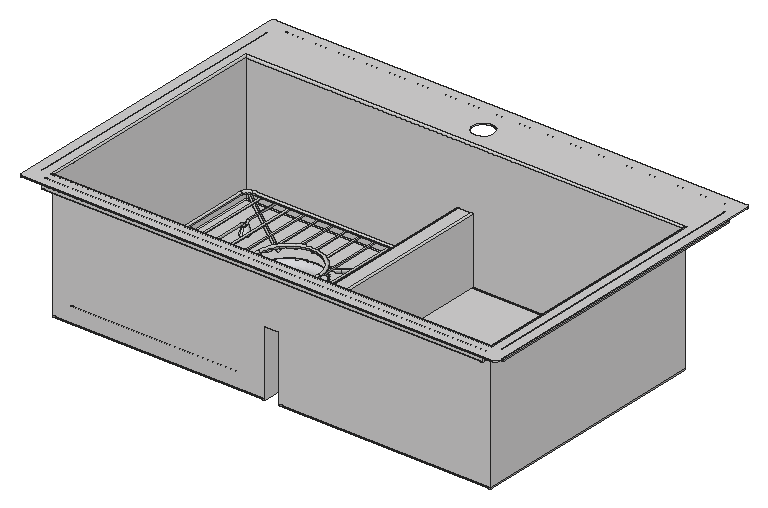
Revit family "Sink-Kitchen-KOHLER-Vault-K-3838_1", category Plumbing Fixtures, host Face, Revit 2015 (continued)
Definition of nested family "K-3838"
  Automatic sketch dimensions
    Sweep 24 sketch curve to Sweep 24 sketch curve = 0.7942"
    plane 14 to Sweep 24 sketch curve = 1.07708"
    Sweep 24 sketch curve to Sweep 24 sketch curve = 0.99452"
    Sweep 24 sketch curve to profile plane = 0"
    plane 14 to Sweep 25 sketch curve = 0.97255"
    Sweep 25 sketch curve to Sweep 25 sketch curve = 4.44105"
    plane 14 to Sweep 25 sketch curve = 1.08417"
    Sweep 25 sketch curve to Sweep 25 sketch curve = 0.7942"
    plane 14 to Sweep 25 sketch curve = 1.07708"
    Sweep 25 sketch curve to Sweep 25 sketch curve = 0.99452"
    profile plane to Sweep 25 sketch curve = 0"  (x2)
    plane 14 to Sweep 26 sketch curve = 1.02564"
    plane 4 to Sweep 26 sketch curve = 2.44246"
    Sweep 26 sketch curve to plane 8 = 2.48007"
    Sweep 26 sketch curve to Sweep 26 sketch curve = 0.75748"
    Sweep 26 sketch curve to Sweep 26 sketch curve = 0.46221"
    Sweep 26 sketch curve to Sweep 26 sketch curve = 0.11524"
    Sweep 26 sketch curve to Sweep 26 sketch curve = 0.11997"
    Sweep 26 sketch curve to plane 1 "Center (Front/Back)" = 0"
    Sweep 26 sketch curve to profile plane = 0"
    plane 3 "Center (Left/Right)" to Sweep 27 sketch curve = 1.63046"
    Sweep 27 sketch curve to plane 11 = 1.36393"
    Sweep 27 sketch curve to plane 14 = 1.02564"
    Sweep 27 sketch curve to Sweep 27 sketch curve = 0.75748"
    Sweep 27 sketch curve to Sweep 27 sketch curve = 0.46221"
    Sweep 27 sketch curve to Sweep 27 sketch curve = 0.11524"
    Sweep 27 sketch curve to Sweep 27 sketch curve = 0.11997"
    Sweep 27 sketch curve to plane 1 "Center (Front/Back)" = 0"
    Sweep 27 sketch curve to profile plane = 0"
    plane 14 to Extrusion 28 sketch curve = 1.17109"  (x3)
    plane 4 to Extrusion 28 sketch curve = 2.77351"
    Extrusion 28 sketch curve to Extrusion 28 sketch curve = 1.96228"
    Extrusion 28 sketch curve to Extrusion 28 sketch curve = 0.97934"
    Extrusion 28 sketch curve to Extrusion 28 sketch curve = 0.97831"
    Extrusion 28 sketch curve to Extrusion 28 sketch curve = 0.97766"
    Extrusion 28 sketch curve to plane 8 = 0.0023"
    plane 8 to Extrusion 28 sketch curve = 0.97941"
    Extrusion 28 sketch curve to Extrusion 28 sketch curve = 0.9829"
    plane 11 to Extrusion 28 sketch curve = 0.90205"
    Extrusion 28 sketch curve to plane 11 = 0.08001"
    Extrusion 28 sketch curve to plane 3 "Center (Left/Right)" = 1.95897"
    Extrusion 28 sketch curve to Extrusion 28 sketch curve = 0"  (x8)
    Blend 29 sketch curve to Blend 29 sketch curve = 0"  (x15)
    plane 4 to Blend 29 sketch curve = 3.75401"
    Blend 29 sketch curve to plane 1 "Center (Front/Back)" = 2.36998"
    Blend 29 sketch curve to Blend 29 sketch curve = 0.0785"
    Blend 29 sketch curve to Blend 29 sketch curve = 0.09717"
    Blend 29 sketch curve to Blend 29 sketch curve = 0.17729"
    Blend 29 sketch curve to Blend 29 sketch curve = 0.15966"
    Blend 29 sketch curve to Blend 29 sketch curve = 0.31606"
    plane 4 to Blend 29 sketch curve = 3.59551"
    Blend 29 sketch curve to Blend 29 sketch curve = 0.15746"  (x3)
    Blend 29 sketch curve to plane 1 "Center (Front/Back)" = 2.21406"
    Blend 29 sketch curve to Blend 29 sketch curve = 0.15592"  (x2)
    Blend 29 sketch curve to Blend 29 sketch curve = 0.1541"
    Blend 29 sketch curve to Blend 29 sketch curve = 0.05954"
    plane 14 to Sweep 30 sketch curve = 1.04441"
    plane 7 to Sweep 30 sketch curve = 2.58257"
    Sweep 30 sketch curve to Sweep 30 sketch curve = 0.12668"  (x2)
    Sweep 30 sketch curve to Sweep 30 sketch curve = 0.14025"  (x2)
    Sweep 30 sketch curve to Sweep 30 sketch curve = 1/8"  (x2)
    plane 14 to Sweep 30 sketch curve = 1.17109"
    Sweep 30 sketch curve to plane 1 "Center (Front/Back)" = 2.12747"
    Sweep 30 sketch curve to Sweep 30 sketch curve = 0.39488"
    Sweep 30 sketch curve to Sweep 30 sketch curve = 0.39656"
    Sweep 30 sketch curve to Sweep 30 sketch curve = 0.00168"
    Sweep 30 sketch curve to Sweep 30 sketch curve = 0.83257"
    Sweep 30 sketch curve to Sweep 30 sketch curve = 2.34036"
    Sweep 30 sketch curve to profile plane = 0.00046"
    Sweep 30 sketch curve to plane 3 "Center (Left/Right)" = 12.74521"
    Blend 31 sketch curve to Blend 31 sketch curve = 0"  (x15)
    plane 4 to Blend 31 sketch curve = 3.75401"
    plane 7 to Blend 31 sketch curve = 2.84979"
    Blend 31 sketch curve to Blend 31 sketch curve = 0.0785"
    Blend 31 sketch curve to Blend 31 sketch curve = 0.09717"
    Blend 31 sketch curve to Blend 31 sketch curve = 0.17729"
    Blend 31 sketch curve to Blend 31 sketch curve = 0.15966"
    Blend 31 sketch curve to Blend 31 sketch curve = 0.31606"
    plane 4 to Blend 31 sketch curve = 3.59551"
    Blend 31 sketch curve to Blend 31 sketch curve = 0.15746"  (x3)
    plane 7 to Blend 31 sketch curve = 2.69386"
    Blend 31 sketch curve to Blend 31 sketch curve = 0.15592"  (x2)
    Blend 31 sketch curve to Blend 31 sketch curve = 0.1541"
    Blend 31 sketch curve to Blend 31 sketch curve = 0.05954"
    Blend 32 sketch curve to Blend 32 sketch curve = 0"  (x15)
    plane 11 to Blend 32 sketch curve = 1.05799"
    plane 1 "Center (Front/Back)" to Blend 32 sketch curve = 2.36998"
    Blend 32 sketch curve to Blend 32 sketch curve = 0.0785"
    Blend 32 sketch curve to Blend 32 sketch curve = 0.09717"
    Blend 32 sketch curve to Blend 32 sketch curve = 0.17729"
    Blend 32 sketch curve to Blend 32 sketch curve = 0.15966"
    Blend 32 sketch curve to Blend 32 sketch curve = 0.31606"
    plane 11 to Blend 32 sketch curve = 1.21649"
    Blend 32 sketch curve to Blend 32 sketch curve = 0.15746"  (x3)
    plane 1 "Center (Front/Back)" to Blend 32 sketch curve = 2.21406"
    Blend 32 sketch curve to Blend 32 sketch curve = 0.15592"  (x2)
    Blend 32 sketch curve to Blend 32 sketch curve = 0.1541"
    Blend 32 sketch curve to Blend 32 sketch curve = 0.05954"
    plane 14 to Sweep 33 sketch curve = 1.04441"
    plane 7 to Sweep 33 sketch curve = 2.58257"
    Sweep 33 sketch curve to Sweep 33 sketch curve = 0.12668"  (x2)
    Sweep 33 sketch curve to Sweep 33 sketch curve = 0.14025"  (x2)
    Sweep 33 sketch curve to Sweep 33 sketch curve = 1/8"  (x3)
    plane 14 to Sweep 33 sketch curve = 1.17109"
    Sweep 33 sketch curve to plane 1 "Center (Front/Back)" = 2.12747"
    Sweep 33 sketch curve to Sweep 33 sketch curve = 0.39488"
    Sweep 33 sketch curve to Sweep 33 sketch curve = 0.39656"
    Sweep 33 sketch curve to Sweep 33 sketch curve = 0.83257"
    Sweep 33 sketch curve to Sweep 33 sketch curve = 2.34036"
    profile plane to Sweep 33 sketch curve = 0.00046"
    Sweep 33 sketch curve to profile plane = 12.74521"
    Blend 34 sketch curve to Blend 34 sketch curve = 0"  (x15)
    plane 11 to Blend 34 sketch curve = 1.05799"
    Blend 34 sketch curve to plane 7 = 2.84979"
    Blend 34 sketch curve to Blend 34 sketch curve = 0.0785"
    Blend 34 sketch curve to Blend 34 sketch curve = 0.09717"
    Blend 34 sketch curve to Blend 34 sketch curve = 0.17729"
    Blend 34 sketch curve to Blend 34 sketch curve = 0.15966"
    Blend 34 sketch curve to Blend 34 sketch curve = 0.31606"
    plane 11 to Blend 34 sketch curve = 1.21649"
    Blend 34 sketch curve to Blend 34 sketch curve = 0.15746"  (x3)
    Blend 34 sketch curve to plane 7 = 2.69386"
    Blend 34 sketch curve to Blend 34 sketch curve = 0.15592"  (x2)
    Blend 34 sketch curve to Blend 34 sketch curve = 0.1541"
    Blend 34 sketch curve to Blend 34 sketch curve = 0.05954"
    plane 1 "Center (Front/Back)" to Extrusion 35 sketch curve = 0"
    Extrusion 35 sketch curve to plane 8 = 0"
    Extrusion 36 sketch curve to plane 3 "Center (Left/Right)" = 0"
    Extrusion 36 sketch curve to plane 6 = 2 15/32"
    Masking region 1 sketch curve to plane 4 = 0"
    Masking region 1 sketch curve to plane 7 = 0"
    Masking region 1 sketch curve to plane 6 = 0"
    Masking region 1 sketch curve to plane 5 = 0"
    Masking region 1 sketch curve to Masking region 1 sketch curve = 0.21784"
    plane 4 to Masking region 1 sketch curve = 0.27029"
    plane 5 to Masking region 1 sketch curve = 0.28034"
    plane 5 to Masking region 1 sketch curve = 0.21729"
    Extrusion 1 sketch curve to plane 4 = 0"
    Extrusion 1 sketch curve to plane 7 = 0"
    Extrusion 1 sketch curve to plane 6 = 0"
    Extrusion 1 sketch curve to plane 5 = 0"
    Extrusion 1 sketch curve to Extrusion 1 sketch curve = 0.21784"
    plane 4 to Extrusion 1 sketch curve = 0.27029"
    plane 4 to Extrusion 1 sketch curve = 1.22029"
    plane 5 to Extrusion 1 sketch curve = 1.22029"
    plane 5 to Extrusion 1 sketch curve = 0.28034"
    plane 5 to Extrusion 1 sketch curve = 0.21729"
    plane 7 to Extrusion 1 sketch curve = 1.15229"
    Extrusion 1 sketch curve to Extrusion 1 sketch curve = 3.62745"
    plane 3 "Center (Left/Right)" to Extrusion 39 sketch curve = 0.5145"
    Extrusion 39 sketch curve to plane 4 = 1.47709"
    Extrusion 39 sketch curve to plane 7 = 1.40909"
    plane 6 to Extrusion 39 sketch curve = 4.19709"
    curve 123 to level = 0"
    curve 125 to plane 14 = 0"
    curve 129 to plane 14 = 0"
    plane 4 to curve 123 = 1 1/4"
    curve 123 to curve 124 = 0.07547"
    curve 125 to plane 8 = 2.24874"
    curve 125 to curve 126 = 0.54252"
    curve 128 to plane 8 = 1.0612"
    curve 128 to curve 127 = 0.10386"
    plane 8 to curve 127 = 0.95733"
    curve 127 to curve 128 = 0.10386"
    curve 127 to curve 126 = 0.74888"
    curve 126 to curve 125 = 0.54252"
    plane 10 to curve 129 = 1.59526"
    curve 129 to curve 130 = 0.54252"
    plane 12 to curve 132 = 1.0612"
    curve 132 to curve 131 = 0.10386"
    curve 131 to plane 12 = 0.95733"
    curve 131 to curve 132 = 0.10386"
    curve 131 to curve 130 = 0.74888"
    curve 130 to curve 129 = 0.54252"
    curve 124 to level = 0.60035"
    plane 5 to curve 124 = 1.327"
    curve 124 to curve 123 = 0.077"
    curve 130 to plane 14 = 0.8775"
    curve 126 to plane 14 = 0.8775"
    curve 131 to curve 130 = 1.321"
    curve 127 to curve 126 = 1.321"
    curve 132 to curve 131 = 0.32542"
    curve 128 to curve 127 = 0.32542"
    Revolve 18 sketch curve to plane 8 = 0"  (x2)
    Revolve 18 sketch curve to plane 8 = 0.02598"
    Revolve 18 sketch curve to Revolve 18 sketch curve = 0.14497"
    Revolve 18 sketch curve to Revolve 18 sketch curve = 0.10007"
    Revolve 18 sketch curve to plane 14 = 0.13076"
    Revolve 18 sketch curve to Revolve 18 sketch curve = 1.46821"
    plane 14 to Revolve 18 sketch curve = 0.02645"
    Revolve 18 sketch curve to Revolve 18 sketch curve = 0.0324"
    Revolve 18 sketch curve to plane 14 = 0.03985"
    Revolve 18 sketch curve to Revolve 18 sketch curve = 0.12386"
    Revolve 18 sketch curve to Revolve 18 sketch curve = 0.33727"
    Revolve 18 sketch curve to Revolve 18 sketch curve = 0.01719"
    Revolve 18 sketch curve to Revolve 18 sketch curve = 0.15808"
    Revolve 18 sketch curve to Revolve 18 sketch curve = 0.12735"
    plane 14 to Revolve 18 sketch curve = 0.22929"
    Revolve 18 sketch curve to Revolve 18 sketch curve = 0.43521"
    Revolve 18 sketch curve to Revolve 18 sketch curve = 0.33196"
    Revolve 18 sketch curve to Revolve 18 sketch curve = 0.03333"
    Revolve 18 sketch curve to Revolve 18 sketch curve = 0.12657"
    Revolve 18 sketch curve to Revolve 18 sketch curve = 0"  (x2)
    Revolve 18 sketch curve to Revolve 18 sketch curve = 0.09495"
    Revolve 14 sketch curve to plane 8 = 0"  (x2)
    Revolve 14 sketch curve to plane 8 = 2.26198"
    Revolve 14 sketch curve to plane 14 = 0.03985"
    Revolve 14 sketch curve to Revolve 14 sketch curve = 0.42033"
    Revolve 14 sketch curve to Revolve 14 sketch curve = 0.3892"
    Revolve 14 sketch curve to Revolve 14 sketch curve = 0.1746"
    Revolve 14 sketch curve to plane 14 = 0.27336"
    plane 12 to Revolve 40 sketch curve = 2.26198"
    plane 12 to Revolve 40 sketch curve = 1.84165"
    plane 14 to Revolve 40 sketch curve = 0.44098"
    Revolve 40 sketch curve to Revolve 40 sketch curve = 1.84165"
    Revolve 40 sketch curve to plane 14 = 0.03985"
    Revolve 40 sketch curve to Revolve 40 sketch curve = 0"
    Revolve 40 sketch curve to Revolve 40 sketch curve = 0.3892"
    Revolve 40 sketch curve to Revolve 40 sketch curve = 0.1746"
    Revolve 16 sketch curve to plane 8 = 15.688"  (x2)
    Revolve 16 sketch curve to plane 8 = 15.66202"
    Revolve 16 sketch curve to Revolve 16 sketch curve = 0.14497"
    Revolve 16 sketch curve to Revolve 16 sketch curve = 0.10007"
    plane 14 to Revolve 16 sketch curve = 0.13076"
    Revolve 16 sketch curve to Revolve 16 sketch curve = 1.46821"
    Revolve 16 sketch curve to plane 14 = 0.02645"
    Revolve 16 sketch curve to Revolve 16 sketch curve = 0.0324"
    plane 14 to Revolve 16 sketch curve = 0.03985"
    Revolve 16 sketch curve to Revolve 16 sketch curve = 0.12386"
    Revolve 16 sketch curve to Revolve 16 sketch curve = 0.33727"
    Revolve 16 sketch curve to Revolve 16 sketch curve = 0.01719"
    Revolve 16 sketch curve to Revolve 16 sketch curve = 0.15808"
    Revolve 16 sketch curve to Revolve 16 sketch curve = 0.12735"
    Revolve 16 sketch curve to plane 14 = 0.22929"
    Revolve 16 sketch curve to Revolve 16 sketch curve = 0.43521"
    Revolve 16 sketch curve to Revolve 16 sketch curve = 0.33196"
    Revolve 16 sketch curve to Revolve 16 sketch curve = 0.03333"
    Revolve 16 sketch curve to Revolve 16 sketch curve = 0.12657"
    Revolve 16 sketch curve to Revolve 16 sketch curve = 0"  (x2)
    Revolve 16 sketch curve to Revolve 16 sketch curve = 0.09495"
    Masking region 2 sketch curve to plane 4 = 0"
    Masking region 2 sketch curve to level = 0"  (x6)
    Masking region 2 sketch curve to plane 14 = 0"  (x4)
    Masking region 2 sketch curve to plane 19 = 0"  (x2)
    Masking region 2 sketch curve to plane 8 = 0"
    Masking region 2 sketch curve to plane 16 = 0"
    plane 12 to Masking region 2 sketch curve = 0"
    plane 5 to Masking region 2 sketch curve = 0"
    Masking region 2 sketch curve to plane 15 = 0"
    plane 4 to Masking region 2 sketch curve = 0.45"
    Masking region 2 sketch curve to level = 0.1826"  (x2)
    Masking region 2 sketch curve to Masking region 2 sketch curve = 0.00862"  (x2)
    Masking region 2 sketch curve to Masking region 2 sketch curve = 0.031"
    Masking region 2 sketch curve to Masking region 2 sketch curve = 0.02575"  (x2)
    Masking region 2 sketch curve to Masking region 2 sketch curve = 0.00098"  (x2)
    Masking region 2 sketch curve to level = 0.15406"  (x2)
    Masking region 2 sketch curve to Masking region 2 sketch curve = 0.05106"
    Masking region 2 sketch curve to Masking region 2 sketch curve = 0.03358"
    Masking region 2 sketch curve to level = 0.0258"  (x2)
    Masking region 2 sketch curve to Masking region 2 sketch curve = 0.03925"
    Masking region 2 sketch curve to level = 0.04565"  (x2)
    Masking region 2 sketch curve to Masking region 2 sketch curve = 0.02319"  (x2)
    Masking region 2 sketch curve to Masking region 2 sketch curve = 0.02145"  (x2)
    Masking region 2 sketch curve to Masking region 2 sketch curve = 0.00563"  (x2)
    Masking region 2 sketch curve to Masking region 2 sketch curve = 0.11471"  (x2)
    Masking region 2 sketch curve to Masking region 2 sketch curve = 0.06655"  (x2)
    Masking region 2 sketch curve to level = 0.03"
    Masking region 2 sketch curve to Masking region 2 sketch curve = 0.12762"  (x2)
    Masking region 2 sketch curve to Masking region 2 sketch curve = 0.00503"  (x2)
    Masking region 2 sketch curve to level = 0.04478"  (x2)
    Masking region 2 sketch curve to Masking region 2 sketch curve = 0.02055"  (x2)
    Masking region 2 sketch curve to Masking region 2 sketch curve = 0.0647"
    Masking region 2 sketch curve to level = 0.02545"  (x2)
    Masking region 2 sketch curve to Masking region 2 sketch curve = 0.02349"  (x2)
    Masking region 2 sketch curve to Masking region 2 sketch curve = 0.03195"  (x2)
    Masking region 2 sketch curve to Masking region 2 sketch curve = 0.11671"  (x2)
    Masking region 2 sketch curve to level = 0.1556"  (x2)
    Masking region 2 sketch curve to Masking region 2 sketch curve = 0.00366"
    Masking region 2 sketch curve to Masking region 2 sketch curve = 0.02527"
    Masking region 2 sketch curve to Masking region 2 sketch curve = 0.00148"  (x2)
    Masking region 2 sketch curve to Masking region 2 sketch curve = 0.03"  (x2)
    Masking region 2 sketch curve to level = 0.18309"  (x2)
    Masking region 2 sketch curve to Masking region 2 sketch curve = 0.00833"  (x2)
    Masking region 2 sketch curve to Masking region 2 sketch curve = 0.38333"
    Masking region 2 sketch curve to Masking region 2 sketch curve = 0.07547"
    Masking region 2 sketch curve to Masking region 2 sketch curve = 0.10977"
    plane 14 to Masking region 2 sketch curve = 25/64"  (x4)
    Masking region 2 sketch curve to Masking region 2 sketch curve = 0.04186"  (x4)
    plane 14 to Masking region 2 sketch curve = 0.05698"  (x4)
    Masking region 2 sketch curve to plane 8 = 2.96787"
    Masking region 2 sketch curve to Masking region 2 sketch curve = 0.12303"  (x4)
    Masking region 2 sketch curve to Masking region 2 sketch curve = 0.59611"  (x4)
    Masking region 2 sketch curve to Masking region 2 sketch curve = 0.04667"  (x4)
    Masking region 2 sketch curve to Masking region 2 sketch curve = 0.44946"  (x2)
    Masking region 2 sketch curve to Masking region 2 sketch curve = 0.0464"  (x2)
    Masking region 2 sketch curve to Masking region 2 sketch curve = 0.06797"  (x4)
    Masking region 2 sketch curve to Masking region 2 sketch curve = 0.04878"  (x4)
    Masking region 2 sketch curve to Masking region 2 sketch curve = 0.07842"  (x2)
    Masking region 2 sketch curve to Masking region 2 sketch curve = 0.04347"  (x4)
    Masking region 2 sketch curve to Masking region 2 sketch curve = 0.24123"  (x2)
    Masking region 2 sketch curve to Masking region 2 sketch curve = 0.13021"  (x2)
    Masking region 2 sketch curve to Masking region 2 sketch curve = 0.24658"  (x2)
    Masking region 2 sketch curve to plane 19 = 0.26858"  (x4)
    Masking region 2 sketch curve to Masking region 2 sketch curve = 0.00843"  (x3)
    Masking region 2 sketch curve to Masking region 2 sketch curve = 0.03059"  (x3)
    Masking region 2 sketch curve to Masking region 2 sketch curve = 0.06295"
    Masking region 2 sketch curve to Masking region 2 sketch curve = 0.0817"  (x4)
    Masking region 2 sketch curve to Masking region 2 sketch curve = 0.02183"  (x4)
    Masking region 2 sketch curve to Masking region 2 sketch curve = 0.15506"  (x2)
    plane 8 to Masking region 2 sketch curve = 0.90613"
    Masking region 2 sketch curve to Masking region 2 sketch curve = 0.02937"
    Masking region 2 sketch curve to Masking region 2 sketch curve = 0.04934"  (x2)
    Masking region 2 sketch curve to Masking region 2 sketch curve = 0.05452"  (x3)
    Masking region 2 sketch curve to Masking region 2 sketch curve = 0.2505"  (x2)
    Masking region 2 sketch curve to Masking region 2 sketch curve = 0.38071"  (x2)
    Masking region 2 sketch curve to Masking region 2 sketch curve = 0.32797"  (x2)
    Masking region 2 sketch curve to Masking region 2 sketch curve = 0.12189"  (x2)
    Masking region 2 sketch curve to Masking region 2 sketch curve = 0.02157"  (x2)
    Masking region 2 sketch curve to Masking region 2 sketch curve = 0.49586"  (x2)
    Masking region 2 sketch curve to plane 3 "Center (Left/Right)" = 0.66509"
    Masking region 2 sketch curve to plane 16 = 0.06169"
    Masking region 2 sketch curve to plane 3 "Center (Left/Right)" = 0.5145"
    plane 3 "Center (Left/Right)" to Masking region 2 sketch curve = 0.45324"
    Masking region 2 sketch curve to plane 16 = 0.06126"
    Masking region 2 sketch curve to Masking region 2 sketch curve = 0.10874"
    Masking region 2 sketch curve to plane 12 = 0.90613"
    Masking region 2 sketch curve to plane 12 = 0.9355"
    plane 5 to Masking region 2 sketch curve = 1.47709"
    Masking region 2 sketch curve to level = 0.60035"
    plane 5 to Masking region 2 sketch curve = 1.327"
    Masking region 2 sketch curve to Masking region 2 sketch curve = 0.077"
    Masking region 2 sketch curve to Masking region 2 sketch curve = 3/8"
    Masking region 2 sketch curve to Masking region 2 sketch curve = 0.05045"
    Masking region 2 sketch curve to Masking region 2 sketch curve = 0.03244"
    Masking region 2 sketch curve to Masking region 2 sketch curve = 0.04034"
    Masking region 2 sketch curve to level = 0.06125"
    Masking region 2 sketch curve to Masking region 2 sketch curve = 0.06384"
    Masking region 2 sketch curve to Masking region 2 sketch curve = 0.03296"
    Masking region 2 sketch curve to Masking region 2 sketch curve = 0.00491"
    Masking region 2 sketch curve to Masking region 2 sketch curve = 0.02477"
    Masking region 2 sketch curve to Masking region 2 sketch curve = 0.26335"  (x4)
    Masking region 2 sketch curve to Masking region 2 sketch curve = 0.36184"
    Masking region 2 sketch curve to Masking region 2 sketch curve = 0.38368"  (x3)
    Masking region 2 sketch curve to Masking region 2 sketch curve = 0.13519"  (x4)
    Masking region 2 sketch curve to Masking region 2 sketch curve = 0.06066"  (x4)
    Masking region 2 sketch curve to Masking region 2 sketch curve = 0.11942"  (x4)
    Masking region 2 sketch curve to Masking region 2 sketch curve = 0.09171"  (x4)
    Masking region 2 sketch curve to Masking region 2 sketch curve = 0.24207"  (x4)
    Masking region 2 sketch curve to Masking region 2 sketch curve = 0.10824"  (x3)
    Masking region 2 sketch curve to Masking region 2 sketch curve = 0.33709"
    Masking region 2 sketch curve to Masking region 2 sketch curve = 0.28198"
    Masking region 2 sketch curve to Masking region 2 sketch curve = 0.28001"  (x2)
    Masking region 2 sketch curve to Masking region 2 sketch curve = 0"  (x13)
    Masking region 2 sketch curve to Masking region 2 sketch curve = 0.00015"  (x2)
    Masking region 2 sketch curve to Masking region 2 sketch curve = 0.00067"  (x2)
    Masking region 2 sketch curve to Masking region 2 sketch curve = 0.12371"  (x4)
    Masking region 2 sketch curve to Masking region 2 sketch curve = 0.01477"  (x2)
    Masking region 2 sketch curve to Masking region 2 sketch curve = 0.01478"  (x2)
    Masking region 2 sketch curve to Masking region 2 sketch curve = 0.003"
    Masking region 2 sketch curve to Masking region 2 sketch curve = 0.00048"  (x2)
    plane 10 to Masking region 2 sketch curve = 0.87613"
    Masking region 3 sketch curve to plane 7 = 0"
    Masking region 3 sketch curve to level = 0"  (x4)
    Masking region 3 sketch curve to plane 14 = 0"  (x2)
    plane 19 to Masking region 3 sketch curve = 0"
    Masking region 3 sketch curve to plane 1 "Center (Front/Back)" = 0"
    Masking region 3 sketch curve to plane 6 = 0"
    Masking region 3 sketch curve to plane 15 = 0"
    plane 7 to Masking region 3 sketch curve = 0.42965"
    Masking region 3 sketch curve to level = 0.18309"  (x2)
    Masking region 3 sketch curve to Masking region 3 sketch curve = 0.00833"  (x2)
    Masking region 3 sketch curve to Masking region 3 sketch curve = 0.03"
    Masking region 3 sketch curve to Masking region 3 sketch curve = 0.02575"  (x3)
    Masking region 3 sketch curve to Masking region 3 sketch curve = 0.00148"  (x2)
    Masking region 3 sketch curve to level = 0.1556"  (x2)
    Masking region 3 sketch curve to Masking region 3 sketch curve = 0.05045"
    Masking region 3 sketch curve to Masking region 3 sketch curve = 0.03244"
    Masking region 3 sketch curve to Masking region 3 sketch curve = 0.03195"  (x2)
    Masking region 3 sketch curve to level = 0.02545"  (x2)
    Masking region 3 sketch curve to Masking region 3 sketch curve = 0.04034"
    Masking region 3 sketch curve to level = 0.04478"  (x2)
    Masking region 3 sketch curve to Masking region 3 sketch curve = 0.02349"  (x2)
    Masking region 3 sketch curve to Masking region 3 sketch curve = 0.02055"  (x2)
    Masking region 3 sketch curve to Masking region 3 sketch curve = 0.00503"  (x2)
    Masking region 3 sketch curve to Masking region 3 sketch curve = 0.11671"  (x2)
    Masking region 3 sketch curve to Masking region 3 sketch curve = 0.06655"  (x2)
    Masking region 3 sketch curve to level = 0.03"
    Masking region 3 sketch curve to Masking region 3 sketch curve = 0.12762"  (x2)
    Masking region 3 sketch curve to Masking region 3 sketch curve = 0.00563"  (x2)
    Masking region 3 sketch curve to level = 0.04565"  (x2)
    Masking region 3 sketch curve to Masking region 3 sketch curve = 0.02145"  (x2)
    Masking region 3 sketch curve to Masking region 3 sketch curve = 0.06384"
    Masking region 3 sketch curve to level = 0.0258"  (x2)
    Masking region 3 sketch curve to Masking region 3 sketch curve = 0.02319"  (x2)
    Masking region 3 sketch curve to Masking region 3 sketch curve = 0.03296"
    Masking region 3 sketch curve to Masking region 3 sketch curve = 0.11471"  (x2)
    Masking region 3 sketch curve to level = 0.15406"  (x2)
    Masking region 3 sketch curve to Masking region 3 sketch curve = 0.00491"
    Masking region 3 sketch curve to Masking region 3 sketch curve = 0.02477"
    Masking region 3 sketch curve to Masking region 3 sketch curve = 0.00098"  (x2)
    Masking region 3 sketch curve to level = 0.1826"  (x2)
    Masking region 3 sketch curve to Masking region 3 sketch curve = 0.00862"  (x2)
    Masking region 3 sketch curve to Masking region 3 sketch curve = 0.38207"
    Masking region 3 sketch curve to Masking region 3 sketch curve = 0.0309"
    Masking region 3 sketch curve to Masking region 3 sketch curve = 0.11172"  (x2)
    Masking region 3 sketch curve to Masking region 3 sketch curve = 0.16586"
    plane 1 "Center (Front/Back)" to Masking region 3 sketch curve = 2.84485"
    Masking region 3 sketch curve to Masking region 3 sketch curve = 0.59611"  (x2)
    Masking region 3 sketch curve to Masking region 3 sketch curve = 0.04667"  (x2)
    Masking region 3 sketch curve to Masking region 3 sketch curve = 0.44946"
    Masking region 3 sketch curve to Masking region 3 sketch curve = 0.0464"
    Masking region 3 sketch curve to Masking region 3 sketch curve = 0.02157"  (x2)
    Masking region 3 sketch curve to Masking region 3 sketch curve = 0.04878"  (x2)
    Masking region 3 sketch curve to Masking region 3 sketch curve = 0.07842"
    Masking region 3 sketch curve to Masking region 3 sketch curve = 0.04347"  (x2)
    Masking region 3 sketch curve to Masking region 3 sketch curve = 0.24123"
    Masking region 3 sketch curve to Masking region 3 sketch curve = 0.13021"
    Masking region 3 sketch curve to Masking region 3 sketch curve = 0.24658"
    Masking region 3 sketch curve to plane 19 = 0.26858"  (x2)
    Masking region 3 sketch curve to Masking region 3 sketch curve = 0.00843"  (x2)
    Masking region 3 sketch curve to Masking region 3 sketch curve = 0.03059"
    Masking region 3 sketch curve to Masking region 3 sketch curve = 0.05452"  (x2)
    Masking region 3 sketch curve to Masking region 3 sketch curve = 0.0817"  (x2)
    Masking region 3 sketch curve to Masking region 3 sketch curve = 0.02183"  (x2)
    Masking region 3 sketch curve to Masking region 3 sketch curve = 0.15506"
    Masking region 3 sketch curve to Masking region 3 sketch curve = 0.90613"
    Masking region 3 sketch curve to plane 1 "Center (Front/Back)" = 0.9355"
    Masking region 3 sketch curve to Masking region 3 sketch curve = 0.04934"
    Masking region 3 sketch curve to Masking region 3 sketch curve = 0.2505"
    Masking region 3 sketch curve to Masking region 3 sketch curve = 0.38071"
    Masking region 3 sketch curve to Masking region 3 sketch curve = 0.32797"
    Masking region 3 sketch curve to Masking region 3 sketch curve = 0.12189"
    Masking region 3 sketch curve to Masking region 3 sketch curve = 0.06797"
    Masking region 3 sketch curve to Masking region 3 sketch curve = 0.49586"
    plane 14 to Masking region 3 sketch curve = 0.09124"  (x2)
    Masking region 3 sketch curve to Masking region 3 sketch curve = 0.12303"  (x2)
    plane 14 to Masking region 3 sketch curve = 25/64"  (x2)
    Masking region 3 sketch curve to plane 20 = 1.80537"
    Masking region 3 sketch curve to Masking region 3 sketch curve = 0.08415"
    plane 20 to Masking region 3 sketch curve = 1.16957"
    Masking region 3 sketch curve to Masking region 3 sketch curve = 0.37345"
    Masking region 3 sketch curve to Masking region 3 sketch curve = 0.031"
    Masking region 3 sketch curve to Masking region 3 sketch curve = 0.05106"
    Masking region 3 sketch curve to Masking region 3 sketch curve = 0.03358"
    Masking region 3 sketch curve to Masking region 3 sketch curve = 0.03925"
    Masking region 3 sketch curve to level = 0.05951"
    Masking region 3 sketch curve to Masking region 3 sketch curve = 0.0647"
    Masking region 3 sketch curve to Masking region 3 sketch curve = 0.00366"
    Masking region 3 sketch curve to Masking region 3 sketch curve = 0.02527"
    Masking region 3 sketch curve to Masking region 3 sketch curve = 0.26335"  (x2)
    Masking region 3 sketch curve to Masking region 3 sketch curve = 0.38368"
    Masking region 3 sketch curve to Masking region 3 sketch curve = 0.36184"
    Masking region 3 sketch curve to Masking region 3 sketch curve = 0.13519"  (x2)
    Masking region 3 sketch curve to Masking region 3 sketch curve = 0.06066"  (x2)
    Masking region 3 sketch curve to Masking region 3 sketch curve = 0.11942"  (x2)
    Masking region 3 sketch curve to Masking region 3 sketch curve = 0.09171"  (x2)
    Masking region 3 sketch curve to Masking region 3 sketch curve = 0.24207"  (x2)
    Masking region 3 sketch curve to Masking region 3 sketch curve = 0.33904"  (x2)
    Masking region 3 sketch curve to Masking region 3 sketch curve = 0.28001"  (x2)
    Masking region 3 sketch curve to Masking region 3 sketch curve = 0.28198"  (x2)
    Masking region 3 sketch curve to Masking region 3 sketch curve = 0.00015"  (x2)
    Masking region 3 sketch curve to Masking region 3 sketch curve = 0.00067"  (x2)
    Masking region 3 sketch curve to Masking region 3 sketch curve = 0.12371"  (x2)
    Masking region 3 sketch curve to Masking region 3 sketch curve = 0.12174"  (x2)
    Masking region 3 sketch curve to Masking region 3 sketch curve = 0.01477"
    Masking region 3 sketch curve to Masking region 3 sketch curve = 0"  (x4)
    Masking region 3 sketch curve to Masking region 3 sketch curve = 0.01478"
    Masking region 3 sketch curve to Masking region 3 sketch curve = 0.00048"  (x2)
    curve 133 to level = 0"
    curve 133 to plane 7 = 0"
    curve 250 to level = 0"
    curve 249 to level = 0"
    curve 135 to plane 14 = 0"
    curve 248 to level = 0"
    curve 133 to plane 15 = 0"
    plane 7 to curve 250 = 0.57281"
    curve 250 to curve 250 = 0.13828"
    curve 250 to curve 249 = 0.51701"
    curve 249 to curve 134 = 0.0309"
    plane 1 "Center (Front/Back)" to curve 135 = 2.24874"
    curve 135 to curve 136 = 0.54252"
    curve 138 to plane 19 = 0.26858"
    plane 1 "Center (Front/Back)" to curve 138 = 1.0612"
    curve 138 to curve 137 = 0.10386"
    curve 137 to plane 1 "Center (Front/Back)" = 0.94903"
    curve 137 to curve 138 = 0.11217"
    curve 137 to curve 136 = 0.75719"
    curve 136 to curve 135 = 0.54252"
    curve 134 to level = 0.60033"
    curve 134 to plane 20 = 1.6095"
    plane 20 to curve 249 = 1.16957"
    curve 249 to curve 248 = 0.51701"
    curve 248 to curve 248 = 0.13828"
    curve 136 to plane 14 = 0.8775"
    curve 138 to curve 137 = 0.32542"
    Extrusion 41 sketch curve to plane 4 = 0"
    Extrusion 41 sketch curve to plane 7 = 0"
    Extrusion 41 sketch curve to plane 6 = 0"
    Extrusion 41 sketch curve to plane 5 = 0"
    Extrusion 41 sketch curve to Extrusion 41 sketch curve = 0.21784"
    plane 4 to Extrusion 41 sketch curve = 0.27029"
    plane 5 to Extrusion 41 sketch curve = 0.28034"
    plane 5 to Extrusion 41 sketch curve = 0.21729"
    Extrusion 41 sketch curve to plane 21 = 0"
    plane 4 to Extrusion 41 sketch curve = 1.47709"
    Extrusion 41 sketch curve to plane 3 "Center (Left/Right)" = 9/16"  (x2)
    plane 3 "Center (Left/Right)" to Extrusion 41 sketch curve = 9/16"  (x2)
    plane 5 to Extrusion 41 sketch curve = 1.47709"
    plane 7 to Extrusion 41 sketch curve = 1.40909"
    Extrusion 42 sketch curve to plane 21 = 0"
    plane 21 to Extrusion 42 sketch curve = 51/256"
    plane 4 to Extrusion 42 sketch curve = 1.47709"
    plane 5 to Extrusion 42 sketch curve = 1.47709"
    Extrusion 42 sketch curve to Extrusion 42 sketch curve = 51/256"  (x3)
    plane 7 to Extrusion 42 sketch curve = 1.20987"
    Extrusion 43 sketch curve to plane 21 = 0"
    Extrusion 43 sketch curve to plane 3 "Center (Left/Right)" = 9/16"
    plane 3 "Center (Left/Right)" to Extrusion 43 sketch curve = 9/16"
    plane 7 to Extrusion 43 sketch curve = 1.40909"
    plane 4 to Extrusion 44 sketch curve = 1.27787"
    plane 21 to Extrusion 44 sketch curve = 51/256"
    plane 5 to Extrusion 44 sketch curve = 1.27787"
    plane 7 to Extrusion 44 sketch curve = 1.20987"
    plane 1 "Center (Front/Back)" to Extrusion 45 sketch curve = 0"  (x2)
    Extrusion 45 sketch curve to plane 8 = 0"
    Extrusion 45 sketch curve to plane 12 = 0"
    curve 1 to curve 2 = 0"  (x2)
    curve 1 to curve 94 = 0"  (x2)
    curve 1 to curve 95 = 0"  (x2)
    curve 1 to curve 371 = 0"  (x2)
    curve 2 to curve 94 = 0"  (x2)
    curve 2 to curve 95 = 0"  (x2)
    curve 2 to curve 371 = 0"  (x2)
    curve 13 to curve 18 = 0"  (x2)
    curve 13 to curve 372 = 0"  (x2)
    curve 18 to curve 372 = 0"  (x2)
    curve 19 to curve 23 = 0"  (x2)
    curve 20 to curve 24 = 0"  (x2)
    curve 21 to curve 25 = 0"  (x2)
    curve 94 to curve 95 = 0"  (x2)
    curve 94 to curve 371 = 0"  (x2)
    curve 95 to curve 371 = 0"  (x2)
    curve 96 to curve 104 = 0"  (x2)
    curve 99 to curve 106 = 0"  (x2)
    curve 99 to curve 155 = 0"  (x3)
    curve 99 to curve 158 = 0"  (x2)
    curve 100 to curve 156 = 0"  (x2)
    curve 101 to curve 157 = 0"  (x3)
    curve 105 to curve 199 = 0"  (x2)
    curve 105 to curve 200 = 0"  (x2)
    curve 106 to curve 155 = 0"  (x2)
    curve 106 to curve 158 = 0"  (x3)
    curve 155 to curve 158 = 0"  (x2)
    curve 199 to curve 200 = 0"  (x2)
    curve 208 to curve 228 = 0"  (x2)
    curve 208 to curve 229 = 0"  (x2)
    curve 228 to curve 229 = 0"  (x2)
    curve 3 to plane 21 = 0"
    plane 1 "Center (Front/Back)" to curve 279 = 0"
    plane 1 "Center (Front/Back)" to curve 280 = 0"
    plane 1 "Center (Front/Back)" to curve 281 = 0"
    curve 265 to plane 8 = 0"
    curve 264 to plane 8 = 0"
    plane 1 "Center (Front/Back)" to curve 1 = 0"
    curve 1 to plane 8 = 0"
    curve 310 to plane 8 = 0"
    curve 251 to plane 8 = 0"
    curve 278 to plane 8 = 0"
    curve 309 to plane 8 = 0"
    plane 1 "Center (Front/Back)" to curve 308 = 0"
    plane 1 "Center (Front/Back)" to curve 307 = 0"
    plane 1 "Center (Front/Back)" to curve 306 = 0"
    curve 19 to plane 11 = 0"
    curve 20 to plane 3 "Center (Left/Right)" = 0"
    curve 25 to plane 10 = 0"
    plane 1 "Center (Front/Back)" to curve 366 = 0"
    plane 1 "Center (Front/Back)" to curve 367 = 0"
    plane 1 "Center (Front/Back)" to curve 368 = 0"
    curve 324 to plane 12 = 0"
    curve 311 to plane 12 = 0"
    plane 1 "Center (Front/Back)" to curve 18 = 0"
    curve 18 to plane 12 = 0"
    curve 369 to plane 12 = 0"
    curve 370 to plane 12 = 0"
    curve 325 to plane 12 = 0"
    curve 338 to plane 12 = 0"
    plane 1 "Center (Front/Back)" to curve 341 = 0"
    plane 1 "Center (Front/Back)" to curve 340 = 0"
    plane 1 "Center (Front/Back)" to curve 339 = 0"
    curve 22 to plane 13 = 0"
    curve 67 to plane 8 = 0.05506"
    curve 117 to plane 8 = 0.05506"
    curve 266 to plane 8 = 0.28549"
    curve 252 to plane 8 = 0.28549"
    curve 277 to plane 8 = 0.29692"
    curve 263 to plane 8 = 0.29692"
    curve 260 to plane 8 = 0.31427"
    curve 274 to plane 8 = 0.31427"
    curve 259 to curve 260 = 0.22766"  (x2)
    curve 273 to curve 274 = 0.22766"
    curve 267 to curve 266 = 0.27057"
    curve 253 to curve 252 = 0.27057"
    curve 262 to curve 263 = 0.26786"
    curve 276 to curve 277 = 0.26786"
    curve 281 to curve 273 = 0.08143"
    curve 261 to curve 262 = 0.20985"  (x2)
    curve 275 to curve 276 = 0.20985"
    curve 268 to curve 267 = 0.24569"
    curve 254 to curve 253 = 0.24569"
    curve 272 to curve 275 = 0.13275"
    curve 258 to curve 261 = 0.13275"
    curve 65 to curve 66 = 0.8773"
    curve 64 to curve 67 = 0.8773"
    curve 280 to curve 272 = 0.04534"
    curve 269 to curve 268 = 0.20015"
    curve 255 to curve 254 = 0.20015"  (x2)
    curve 64 to curve 64 = 0.10525"
    curve 115 to curve 62 = 0.10525"
    curve 256 to curve 255 = 0.15039"
    curve 270 to curve 269 = 0.15039"
    curve 271 to curve 270 = 0.0978"
    curve 257 to curve 256 = 0.0978"
    curve 279 to curve 271 = 0.03272"
    curve 61 to curve 62 = 0.87206"
    curve 114 to curve 63 = 0.87206"
    curve 60 to curve 60 = 0.10525"
    curve 58 to curve 58 = 0.10525"
    curve 57 to curve 58 = 0.87326"
    curve 55 to curve 54 = 0.10525"
    curve 52 to curve 55 = 0.87651"
    curve 51 to curve 52 = 0.10525"
    curve 98 to curve 144 = 0.77037"
    curve 103 to curve 187 = 0.77037"
    curve 49 to curve 50 = 0.87353"
    curve 199 to curve 103 = 0.15641"
    curve 96 to curve 98 = 0.15641"
    curve 46 to curve 46 = 0.10525"
    curve 102 to curve 105 = 0.1585"
    curve 97 to curve 96 = 0.1585"
    curve 45 to curve 46 = 0.87593"
    curve 44 to curve 44 = 0.10525"
    curve 31 to curve 174 = 0.45267"
    curve 35 to curve 43 = 0.4688"
    curve 34 to curve 31 = 0.0169"
    curve 27 to curve 35 = 0.00613"
    curve 26 to curve 32 = 0.40794"
    curve 33 to curve 26 = 3/16"
    curve 175 to curve 34 = 0.77417"
    plane 8 to curve 69 = 0.05019"
    plane 8 to curve 68 = 0.05019"
    plane 8 to curve 282 = 0.28549"
    plane 8 to curve 294 = 0.28549"
    plane 8 to curve 305 = 0.29692"
    plane 8 to curve 293 = 0.29692"
    plane 8 to curve 302 = 0.31427"
    plane 8 to curve 290 = 0.31427"
    curve 302 to curve 301 = 0.22766"  (x2)
    curve 290 to curve 289 = 0.22766"
    curve 294 to curve 295 = 0.27057"
    curve 282 to curve 283 = 0.27057"
    curve 305 to curve 304 = 0.26786"
    curve 293 to curve 292 = 0.26786"
    curve 289 to curve 308 = 0.08143"
    curve 292 to curve 291 = 0.20985"
    curve 304 to curve 303 = 0.20985"  (x2)
    curve 295 to curve 296 = 0.24569"
    curve 283 to curve 284 = 0.24569"
    curve 303 to curve 300 = 0.13275"
    curve 291 to curve 288 = 0.13275"
    curve 68 to curve 72 = 0.87665"
    curve 66 to curve 119 = 0.87665"
    curve 288 to curve 307 = 0.04534"
    curve 284 to curve 285 = 0.20015"
    curve 296 to curve 297 = 0.20015"  (x2)
    curve 71 to curve 72 = 0.10525"
    curve 70 to curve 73 = 0.10525"
    curve 297 to curve 298 = 0.15039"
    curve 285 to curve 286 = 0.15039"
    curve 286 to curve 287 = 0.0978"
    curve 298 to curve 299 = 0.0978"
    curve 287 to curve 306 = 0.03272"
    curve 72 to curve 76 = 0.87761"
    curve 70 to curve 154 = 0.87761"
    curve 74 to curve 74 = 0.10525"
    curve 75 to curve 122 = 0.10525"
    curve 76 to curve 204 = 0.87428"
    curve 78 to curve 78 = 0.10525"
    curve 203 to plane 11 = 0.02747"
    curve 82 to curve 152 = 0.10525"
    curve 164 to curve 157 = 0.76885"
    curve 207 to plane 11 = 0.90158"
    curve 82 to curve 86 = 0.87214"
    curve 207 to curve 229 = 0.15641"
    curve 101 to curve 158 = 0.15641"
    curve 87 to curve 202 = 0.10525"
    curve 208 to curve 206 = 0.1585"
    curve 99 to curve 156 = 0.1585"
    curve 86 to curve 91 = 0.87808"
    curve 91 to curve 92 = 0.10525"
    curve 90 to curve 28 = 0.45337"
    curve 92 to curve 41 = 0.45469"
    curve 27 to curve 35 = 1/256"
    curve 30 to curve 38 = 0.00522"
    curve 38 to curve 29 = 53/128"
    curve 30 to curve 36 = 3/16"
    curve 3 to plane 3 "Center (Left/Right)" = 9/16"
    plane 3 "Center (Left/Right)" to curve 16 = 9/16"
    curve 366 to curve 13 = 1.28281"
    curve 366 to curve 359 = 0.03272"
    curve 366 to curve 347 = 0.03272"
    curve 359 to curve 358 = 0.0978"
    curve 347 to curve 346 = 0.0978"
    curve 346 to curve 345 = 0.15039"
    curve 358 to curve 357 = 0.15039"
    curve 366 to curve 367 = 0.3301"
    curve 367 to curve 348 = 0.04534"
    curve 367 to curve 360 = 0.04534"
    curve 357 to curve 356 = 0.20015"
    curve 345 to curve 344 = 0.20015"  (x2)
    curve 360 to curve 363 = 0.13275"
    curve 348 to curve 351 = 0.13275"
    curve 367 to curve 368 = 0.32936"
    curve 351 to curve 352 = 0.20985"  (x2)
    curve 363 to curve 364 = 0.20985"
    curve 356 to curve 355 = 0.24569"
    curve 344 to curve 343 = 0.24569"
    curve 368 to curve 349 = 0.08143"
    curve 368 to curve 361 = 0.08143"
    plane 12 to curve 362 = 0.31427"
    plane 12 to curve 350 = 0.31427"
    plane 12 to curve 365 = 0.29692"
    plane 12 to curve 353 = 0.29692"
    plane 12 to curve 342 = 0.28549"
    plane 12 to curve 354 = 0.28549"
    curve 312 to plane 12 = 0.28549"
    curve 326 to plane 12 = 0.28549"
    curve 323 to plane 12 = 0.29692"
    curve 337 to plane 12 = 0.29692"
    curve 334 to plane 12 = 0.31427"
    curve 320 to plane 12 = 0.31427"
    curve 334 to curve 333 = 0.22766"  (x2)
    curve 320 to curve 319 = 0.22766"
    curve 312 to curve 313 = 0.27057"
    curve 326 to curve 327 = 0.27057"
    curve 323 to curve 322 = 0.26786"
    curve 337 to curve 336 = 0.26786"
    curve 333 to curve 341 = 0.08143"
    curve 322 to curve 321 = 0.20985"
    curve 336 to curve 335 = 0.20985"  (x2)
    curve 327 to curve 328 = 0.24569"
    curve 313 to curve 314 = 0.24569"
    curve 321 to curve 318 = 0.13275"
    curve 335 to curve 332 = 0.13275"
    curve 332 to curve 340 = 0.04534"
    curve 328 to curve 329 = 0.20015"  (x2)
    curve 314 to curve 315 = 0.20015"
    curve 329 to curve 330 = 0.15039"
    curve 315 to curve 316 = 0.15039"
    curve 330 to curve 331 = 0.0978"
    curve 316 to curve 317 = 0.0978"
    curve 331 to curve 339 = 0.03272"
    plane 5 to curve 17 = 1.47709"
    plane 1 "Center (Front/Back)" to curve 299 = 0.28474"
    plane 1 "Center (Front/Back)" to curve 359 = 0.28474"
    plane 1 "Center (Front/Back)" to curve 271 = 0.28474"
    plane 1 "Center (Front/Back)" to curve 331 = 0.28474"
    plane 1 "Center (Front/Back)" to curve 300 = 0.29255"
    plane 1 "Center (Front/Back)" to curve 360 = 0.29255"
    plane 1 "Center (Front/Back)" to curve 332 = 0.29255"
    plane 1 "Center (Front/Back)" to curve 272 = 0.29255"
    plane 1 "Center (Front/Back)" to curve 301 = 0.31281"
    plane 1 "Center (Front/Back)" to curve 361 = 0.31281"
    plane 1 "Center (Front/Back)" to curve 333 = 0.31281"
    plane 1 "Center (Front/Back)" to curve 273 = 0.31281"
    curve 274 to curve 273 = 0.22766"
    curve 362 to curve 361 = 0.22766"
    curve 270 to curve 271 = 0.2736"
    curve 298 to curve 299 = 0.2736"
    curve 358 to curve 359 = 0.2736"
    curve 330 to curve 331 = 0.2736"
    curve 335 to curve 332 = 0.27135"
    curve 363 to curve 360 = 0.27135"
    curve 275 to curve 272 = 0.27135"
    curve 303 to curve 300 = 0.27135"
    curve 309 to curve 302 = 0.08583"
    curve 369 to curve 362 = 0.08583"
    curve 364 to curve 363 = 0.20985"
    curve 276 to curve 275 = 0.20985"
    curve 297 to curve 298 = 0.241"
    curve 357 to curve 358 = 0.241"
    curve 329 to curve 330 = 0.241"
    curve 269 to curve 270 = 0.241"
    curve 277 to curve 276 = 0.13449"
    curve 365 to curve 364 = 0.13449"
    curve 337 to curve 336 = 0.13449"
    curve 305 to curve 304 = 0.13449"
    curve 278 to curve 305 = 0.04676"
    curve 338 to curve 365 = 0.04676"
    curve 356 to curve 357 = 0.20015"
    curve 268 to curve 269 = 0.20015"
    curve 327 to curve 328 = 0.15352"
    curve 355 to curve 356 = 0.15352"
    curve 267 to curve 268 = 0.15352"
    curve 295 to curve 296 = 0.15352"
    curve 354 to curve 355 = 0.09846"
    curve 294 to curve 295 = 0.09846"
    curve 326 to curve 327 = 0.09846"
    curve 266 to curve 267 = 0.09846"
    curve 325 to curve 354 = 0.02923"
    curve 265 to curve 294 = 0.02923"
    plane 7 to curve 105 = 4.36744"
    plane 7 to curve 228 = 4.36744"
    curve 103 to curve 105 = 0"
    curve 206 to curve 208 = 0"
    curve 207 to curve 208 = 0"
    curve 102 to curve 105 = 0"
    plane 7 to curve 29 = 2.26503"
    curve 36 to curve 41 = 1/256"
    curve 32 to curve 48 = 0"
    curve 48 to curve 52 = 0"
    curve 32 to curve 43 = 0"
    curve 52 to curve 55 = 0"
    plane 7 to curve 79 = 1.84706"
    curve 56 to curve 59 = 0"
    curve 60 to curve 63 = 0"
    curve 64 to curve 67 = 0"
    curve 68 to curve 71 = 0"
    curve 201 to curve 27 = 0"
    curve 72 to curve 75 = 0"
    curve 80 to curve 83 = 0"
    curve 84 to curve 87 = 0"
    curve 139 to curve 35 = 0.25047"
    curve 317 to plane 1 "Center (Front/Back)" = 0.28474"
    curve 347 to plane 1 "Center (Front/Back)" = 0.28474"
    curve 287 to plane 1 "Center (Front/Back)" = 0.28474"
    curve 257 to plane 1 "Center (Front/Back)" = 0.28474"
    curve 258 to plane 1 "Center (Front/Back)" = 0.29255"
    curve 348 to plane 1 "Center (Front/Back)" = 0.29255"
    curve 288 to plane 1 "Center (Front/Back)" = 0.29255"
    curve 318 to plane 1 "Center (Front/Back)" = 0.29255"
    curve 289 to plane 1 "Center (Front/Back)" = 0.31281"
    curve 259 to plane 1 "Center (Front/Back)" = 0.31281"
    curve 319 to plane 1 "Center (Front/Back)" = 0.31281"
    curve 349 to plane 1 "Center (Front/Back)" = 0.31281"
    curve 349 to curve 350 = 0.22766"
    curve 319 to curve 320 = 0.22766"
    curve 289 to curve 290 = 0.22766"
    curve 317 to curve 316 = 0.2736"
    curve 257 to curve 256 = 0.2736"
    curve 347 to curve 346 = 0.2736"
    curve 287 to curve 286 = 0.2736"
    curve 288 to curve 291 = 0.27135"
    curve 348 to curve 351 = 0.27135"
    curve 318 to curve 321 = 0.27135"
    curve 258 to curve 261 = 0.27135"
    curve 290 to curve 310 = 0.08583"
    curve 350 to curve 370 = 0.08583"
    curve 321 to curve 322 = 0.20985"
    curve 291 to curve 292 = 0.20985"
    curve 346 to curve 345 = 0.241"
    curve 286 to curve 285 = 0.241"
    curve 256 to curve 255 = 0.241"
    curve 316 to curve 315 = 0.241"
    curve 262 to curve 263 = 0.13449"
    curve 322 to curve 323 = 0.13449"
    curve 352 to curve 353 = 0.13449"
    curve 292 to curve 293 = 0.13449"
    curve 293 to curve 264 = 0.04676"
    curve 353 to curve 324 = 0.04676"
    curve 315 to curve 314 = 0.20015"
    curve 285 to curve 284 = 0.20015"
    curve 284 to curve 283 = 0.15352"
    curve 254 to curve 253 = 0.15352"
    curve 314 to curve 313 = 0.15352"
    curve 344 to curve 343 = 0.15352"
    curve 253 to curve 252 = 0.09846"
    curve 283 to curve 282 = 0.09846"
    curve 313 to curve 312 = 0.09846"
    curve 343 to curve 342 = 0.09846"
    curve 342 to curve 311 = 0.02923"
    curve 282 to curve 251 = 0.02923"
    curve 157 to plane 1 "Center (Front/Back)" = 2.36997"
    curve 98 to plane 1 "Center (Front/Back)" = 2.36997"
    curve 101 to curve 156 = 0"
    curve 97 to curve 98 = 0"
    curve 101 to curve 155 = 0"
    curve 98 to curve 96 = 0"
    curve 31 to plane 21 = 0.97164"
    curve 30 to curve 36 = 0.00522"
    curve 51 to plane 21 = 0.54145"
    curve 82 to plane 21 = 0.54145"
    curve 86 to plane 21 = 0.54145"
    curve 90 to plane 21 = 0.54145"
    curve 54 to plane 21 = 0.54145"
    curve 49 to plane 21 = 0.54145"
    curve 28 to curve 43 = 0"
    curve 58 to plane 21 = 0.54145"
    curve 62 to plane 21 = 0.54145"
    curve 79 to plane 21 = 0.54145"
    curve 117 to plane 21 = 0.54145"
    curve 119 to plane 21 = 0.54145"
    curve 121 to plane 21 = 0.54145"
    curve 19 to plane 20 = 1/32"
    curve 20 to plane 20 = 1/32"
    curve 21 to plane 20 = 1/32"
    curve 22 to plane 20 = 1/32"
    curve 196 to curve 63 = 0.02294"
    curve 197 to curve 196 = 0.16164"
    curve 198 to curve 197 = 0.3679"
    curve 140 to curve 140 = 0.31958"
    curve 149 to plane 1 "Center (Front/Back)" = 1.26303"
    curve 149 to curve 149 = 0.04914"
    curve 236 to plane 1 "Center (Front/Back)" = 0.09433"
    plane 1 "Center (Front/Back)" to curve 237 = 0.09317"
    curve 237 to curve 236 = 0.00005"
    curve 102 to curve 103 = 0.01147"
    curve 199 to curve 185 = 0.14171"
    curve 200 to curve 103 = 0.21229"
    curve 199 to curve 102 = 0.16037"
    curve 174 to plane 21 = 0.56564"
    curve 109 to plane 21 = 0.59983"
    plane 7 to curve 112 = 1.91259"
    curve 175 to plane 21 = 0.44146"
    curve 110 to plane 21 = 0.72965"
    curve 107 to curve 112 = 0.13257"
    curve 183 to curve 107 = 0.01668"
    curve 139 to curve 107 = 0.1235"
    curve 120 to curve 225 = 0.02846"
    curve 225 to curve 226 = 0.16164"
    curve 176 to plane 1 "Center (Front/Back)" = 1.5901"
    plane 1 "Center (Front/Back)" to curve 227 = 1.5901"
    curve 169 to plane 1 "Center (Front/Back)" = 1.26303"
    curve 246 to plane 1 "Center (Front/Back)" = 0.09433"
    plane 1 "Center (Front/Back)" to curve 247 = 0.09317"
    curve 207 to curve 206 = 0.01147"
    curve 214 to curve 228 = 0.14158"
    curve 207 to curve 229 = 0.21216"
    curve 206 to curve 228 = 0.16037"
    curve 181 to plane 21 = 0.56538"
    curve 159 to plane 21 = 0.59983"
    curve 41 to curve 210 = 0.23971"
    curve 182 to plane 21 = 0.44417"
    curve 160 to plane 21 = 0.73108"
    curve 210 to curve 209 = 0.13257"
    curve 209 to curve 212 = 0.01668"
    curve 238 to plane 1 "Center (Front/Back)" = 0.09433"
    curve 238 to curve 238 = 0.88059"
    plane 1 "Center (Front/Back)" to curve 239 = 0.09317"
    curve 239 to curve 238 = 0"
    curve 209 to curve 211 = 0.11995"
    curve 211 to curve 5 = 0.10259"
    curve 16 to curve 344 = 0.78834"
    curve 15 to curve 356 = 0.78834"
    curve 314 to curve 17 = 0.78834"
    curve 328 to curve 14 = 0.78834"
    plane 1 "Center (Front/Back)" to curve 233 = 0.09317"
    plane 1 "Center (Front/Back)" to curve 235 = 0.09317"
    plane 1 "Center (Front/Back)" to curve 111 = 0.09317"
    plane 1 "Center (Front/Back)" to curve 245 = 0.09317"
    plane 1 "Center (Front/Back)" to curve 231 = 0.09317"
    plane 1 "Center (Front/Back)" to curve 243 = 0.09317"
    plane 1 "Center (Front/Back)" to curve 241 = 0.09317"
    curve 15 to curve 356 = 0.59061"
    curve 198 to curve 198 = 0.54327"
    curve 227 to curve 227 = 0.54332"
    curve 195 to curve 198 = 0.17892"
    curve 224 to curve 227 = 0.17892"
    curve 197 to curve 195 = 0.63707"
    curve 226 to curve 224 = 0.63707"
    curve 194 to curve 197 = 0.16255"
    curve 223 to curve 226 = 0.16255"
    curve 196 to curve 194 = 0.18243"
    curve 225 to curve 223 = 0.18243"
    curve 193 to curve 196 = 0.16255"
    curve 222 to curve 225 = 0.16255"
    curve 195 to curve 193 = 0.33991"
    curve 224 to curve 222 = 0.34164"
    curve 192 to curve 195 = 0.17892"
    curve 221 to curve 224 = 0.17892"
    curve 194 to curve 192 = 0.48488"
    curve 223 to curve 221 = 0.48472"
    curve 191 to curve 194 = 0.16255"
    curve 220 to curve 223 = 0.16255"
    curve 193 to curve 191 = 0.18243"
    curve 222 to curve 220 = 0.18243"
    curve 190 to curve 193 = 0.16255"
    curve 219 to curve 222 = 0.16255"
    curve 192 to curve 190 = 0.49763"
    curve 221 to curve 219 = 0.4986"
    curve 189 to curve 192 = 0.17892"
    curve 218 to curve 221 = 0.17892"
    curve 191 to curve 189 = 0.33218"
    curve 220 to curve 218 = 0.33194"
    curve 188 to curve 191 = 0.16255"
    curve 217 to curve 220 = 0.16255"
    curve 190 to curve 188 = 0.18243"
    curve 219 to curve 217 = 0.18243"
    curve 187 to curve 190 = 0.16255"
    curve 216 to curve 219 = 0.16255"
    curve 105 to curve 189 = 1.00288"
    curve 208 to curve 218 = 1.00266"
    curve 186 to curve 189 = 0.17892"
    curve 215 to curve 218 = 0.17892"
    curve 188 to curve 186 = 0.17994"
    curve 217 to curve 215 = 0.17992"
    curve 184 to curve 188 = 0.16255"
    curve 213 to curve 217 = 0.16255"
    curve 208 to curve 213 = 0.1593"
    curve 105 to curve 184 = 0.15952"
    curve 187 to curve 105 = 0.02291"
    curve 216 to curve 208 = 0.02313"
    curve 206 to curve 216 = 0.08113"
    curve 102 to curve 187 = 0.08145"
    curve 185 to curve 102 = 0.0811"
    curve 214 to curve 206 = 0.08143"
    curve 207 to curve 206 = 0.0103"
    curve 103 to curve 102 = 0.0103"
    curve 184 to curve 186 = 0.20626"
    curve 213 to curve 215 = 0.2059"
    curve 184 to curve 183 = 7/256"
    curve 213 to curve 212 = 0.02698"
    curve 107 to curve 183 = 0.18989"
    curve 209 to curve 212 = 0.18953"
    curve 112 to curve 185 = 0.16255"
    curve 210 to curve 214 = 0.16255"
    curve 212 to curve 29 = 0.17966"
    curve 209 to curve 212 = 0.03255"
    curve 210 to curve 209 = 0.14023"
    curve 230 to plane 1 "Center (Front/Back)" = 0.09433"
    curve 108 to plane 1 "Center (Front/Back)" = 0.09433"
    curve 232 to plane 1 "Center (Front/Back)" = 0.09433"
    curve 244 to plane 1 "Center (Front/Back)" = 0.09433"
    curve 242 to plane 1 "Center (Front/Back)" = 0.09433"
    curve 234 to plane 1 "Center (Front/Back)" = 0.09433"
    curve 240 to plane 1 "Center (Front/Back)" = 0.09433"
    curve 147 to curve 61 = 0.04282"
    curve 167 to curve 121 = 0.04275"
    curve 149 to curve 149 = 0.03703"
    curve 169 to curve 169 = 0.03706"
    curve 149 to curve 148 = 0.07931"
    curve 169 to curve 168 = 0.07931"
    curve 140 to curve 140 = 0.2123"
    curve 176 to curve 176 = 0.21232"
    curve 148 to curve 147 = 0.42327"
    curve 168 to curve 167 = 0.42404"
    curve 140 to curve 170 = 0.06992"
    curve 176 to curve 177 = 0.06992"
    curve 147 to curve 145 = 0.07931"
    curve 167 to curve 165 = 0.07931"
    curve 145 to curve 148 = 0.15546"
    curve 165 to curve 168 = 0.15546"
    curve 104 to curve 96 = 0.32214"
    curve 158 to curve 99 = 0.32212"
    curve 158 to curve 155 = 0.00016"
    curve 104 to curve 96 = 0.00021"
    curve 148 to curve 146 = 0.07931"
    curve 168 to curve 166 = 0.07931"
    curve 104 to curve 98 = 0.10133"
    curve 106 to curve 157 = 0.10143"
    curve 155 to curve 100 = 0.10423"
    curve 156 to curve 100 = 0"
    curve 96 to curve 97 = 0.10434"
    curve 146 to curve 170 = 0.33572"
    curve 166 to curve 177 = 0.33562"
    curve 170 to curve 171 = 0.06992"
    curve 177 to curve 178 = 0.06992"
    curve 171 to curve 145 = 0.02009"
    curve 178 to curve 165 = 0.02054"
    curve 145 to curve 144 = 0.07931"
    curve 165 to curve 164 = 0.07931"
    curve 144 to curve 146 = 0.15546"
    curve 164 to curve 166 = 0.15546"
    curve 146 to curve 143 = 0.07931"
    curve 166 to curve 163 = 0.07931"
    curve 143 to curve 171 = 0.24812"
    curve 163 to curve 178 = 0.24798"
    curve 171 to curve 172 = 0.06992"
    curve 178 to curve 179 = 0.06992"
    curve 96 to curve 144 = 0.58811"
    curve 155 to curve 164 = 0.58819"
    curve 144 to curve 141 = 0.07931"
    curve 164 to curve 161 = 0.07931"
    curve 141 to curve 143 = 0.15546"
    curve 161 to curve 163 = 0.15546"
    curve 143 to curve 142 = 0.07931"
    curve 163 to curve 162 = 0.07931"
    curve 142 to curve 172 = 0.16079"
    curve 162 to curve 179 = 0.16078"
    curve 172 to curve 173 = 0.06992"
    curve 179 to curve 180 = 0.06992"
    curve 141 to curve 31 = 0.44646"
    curve 161 to curve 30 = 0.45565"
    curve 141 to curve 110 = 0.07931"
    curve 161 to curve 160 = 0.07931"
    curve 110 to curve 142 = 0.15546"
    curve 160 to curve 162 = 0.15546"
    curve 142 to curve 109 = 0.07931"
    curve 162 to curve 159 = 0.07931"
    curve 109 to curve 173 = 0.07324"
    curve 159 to curve 180 = 0.07304"
    curve 173 to curve 174 = 0.06992"
    curve 180 to curve 181 = 0.06992"
    curve 182 to curve 3 = 0.06644"
    profile plane to Sweep 24 sketch curve = 0"
    Extrusion 37 sketch curve to plane 11 = 0"
    Extrusion 37 sketch curve to plane 10 = 0"
    Extrusion 38 sketch curve to plane 9 = 0"
    radius of Extrusion 15 sketch curve = 0.09463"  (x60)
    radius of Extrusion 17 sketch curve = 0.09463"  (x58)
    radius of Sweep 20 sketch curve = 0.09437"
    radius of Sweep 21 sketch curve = 2.09211"
    radius of Sweep 21 sketch curve = 0.09298"
    radius of Sweep 22 sketch curve = 0.09391"
    radius of Sweep 23 sketch curve = 0.09391"
    radius of Sweep 24 sketch curve = 0.09424"
    radius of Sweep 25 sketch curve = 0.09424"
    radius of Sweep 26 sketch curve = 0.0938"
    radius of Sweep 27 sketch curve = 0.0938"
    radius of Extrusion 28 sketch curve = 0.05271"  (x11)
    radius of Sweep 30 sketch curve = 0.05239"
    radius of Sweep 33 sketch curve = 0.05239"
    radius of Extrusion 35 sketch curve = 2.09211"
    radius of Extrusion 36 sketch curve = 0.72171"
    radius of Extrusion 45 sketch curve = 2.24874"  (x2)
    radius of curve 2 = 1.87709"
    radius of curve 18 = 1.87709"
    radius of curve 19 = 0.72171"
    radius of curve 20 = 0.72171"
    radius of curve 21 = 0.72171"
    radius of curve 22 = 0.72171"
    radius of curve 23 = 0.72171"
    radius of curve 24 = 0.72171"
    radius of curve 25 = 0.72171"
    radius of curve 94 = 1.87709"
    radius of curve 251 = 0.09463"
    radius of curve 252 = 0.09463"
    radius of curve 253 = 0.09463"
    radius of curve 254 = 0.09463"
    radius of curve 255 = 0.09463"
    radius of curve 256 = 0.09463"
    radius of curve 257 = 0.09463"
    radius of curve 258 = 0.09463"
    radius of curve 259 = 0.09463"
    radius of curve 260 = 0.09463"
    radius of curve 261 = 0.09463"
    radius of curve 262 = 0.09463"
    radius of curve 263 = 0.09463"
    radius of curve 264 = 0.09463"
    radius of curve 265 = 0.09463"
    radius of curve 266 = 0.09463"
    radius of curve 267 = 0.09463"
    radius of curve 268 = 0.09463"
    radius of curve 269 = 0.09463"
    radius of curve 270 = 0.09463"
    radius of curve 271 = 0.09463"
    radius of curve 272 = 0.09463"
    radius of curve 273 = 0.09463"
    radius of curve 274 = 0.09463"
    radius of curve 275 = 0.09463"
    radius of curve 276 = 0.09463"
    radius of curve 277 = 0.09463"
    radius of curve 278 = 0.09463"
    radius of curve 279 = 0.09463"
    radius of curve 280 = 0.09463"
    radius of curve 281 = 0.09463"
    radius of curve 282 = 0.09463"
    radius of curve 283 = 0.09463"
    radius of curve 284 = 0.09463"
    radius of curve 285 = 0.09463"
    radius of curve 286 = 0.09463"
    radius of curve 287 = 0.09463"
    radius of curve 288 = 0.09463"
    radius of curve 289 = 0.09463"
    radius of curve 290 = 0.09463"
    radius of curve 291 = 0.09463"
    radius of curve 292 = 0.09463"
    radius of curve 293 = 0.09463"
    radius of curve 294 = 0.09463"
